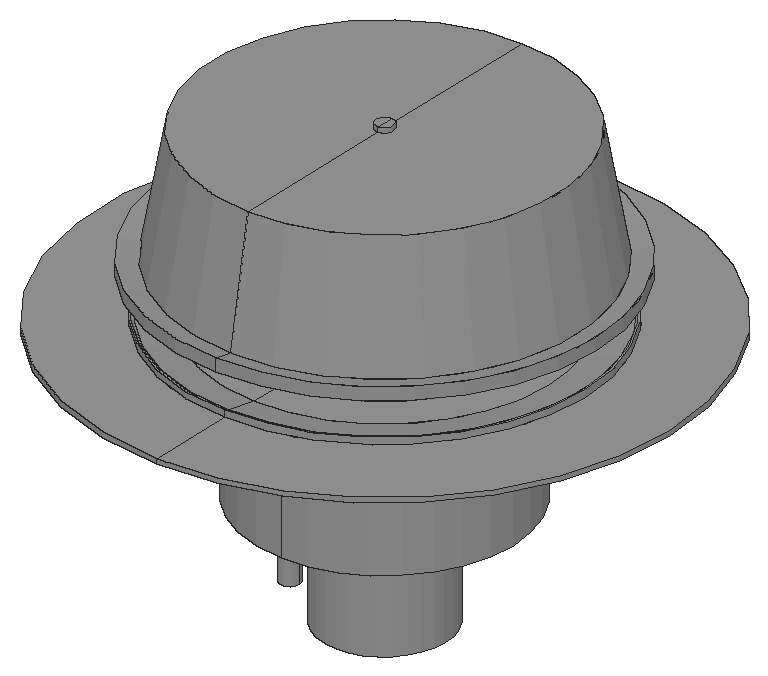
Revit family "HL_RU_Roof drain_HL62.1Safe-B-221103", category Sanitärinstallationen, Revit 2020
Family settings
  Bemaßung runder Anschluss = Durchmesser verwenden
  Teiletyp = Normal
  OmniClass-Nummer = 23.70.50.21.24.14
  OmniClass-Titel = Deck Waste Water Drains
  Arbeitsebenenbasiert = Nein
  Immer vertikal = Ja
  Beim Laden mit Abzugskörper schneiden = Nein
  Gemeinsam genutzt = Nein
  Raumberechnungspunkt = Ja
Parameters (values of type "HL_Кровельная воронка_HL62.1Safe_7")
  РЕШЁТКА = "Laubfangkorb d 262 mm"
  РАЗМЕР = "DN75"
  ПРОПУСКНАЯ СПОСОБНОСТЬ [instance] = 0.0 L/s
  ПРОИЗВОДИТЕЛЬНОСТЬ = "see Download"
  ПРАВОВАЯ ИНФОРМАЦИЯ = "Авторские права(©), права на дизайн или какие либо другие права интелектуальной собственности являются исключительной собственностью компании HL Hutterer & Lechner. Изменению не подлежит. Файл семейства с данными о прозводителе изделия защищен паролем с водяным знаком."
  НОМИНАЛЬНЫЙ ДИАМЕТР = 75 mm
  МАТЕРИАЛ = "PP"
  ВЫСОТА МОНТАЖА = "100mm"
  ВЕС = "3,154 [kg]"
  Vorgabe-Ansicht = 0 mm
  Hersteller = "HL Hutterer & Lechner GmbH"  # constant formula
  URL = "http://www.hutterer-lechner.com/ru/products/catalog/roof-drains/HL62.1Safe/7.aspx"
  Материал плитка [instance] = none
  Lüftungsverbindung = no
  Abwasserrohrverbindung = yes
  HW-Verbindung = no
  KW-Verbindung = no
  Beschreibung = "Кровельные воронки"
  Model = "HL62.1Safe_7"
  Typenkommentare = "HL62.1Safe/7, Воронка для аварийного водостока DN75 с электрообогревом, с возможностью регулировки толщины слоя воды"
  Keynote = "HL62.1Safe_7"
  Bысота монтажа [instance] = 28 mm  # constant formula
  G [instance] = 180.00°  # constant formula
  EAN = "9003076040315"
  D [instance] = 67 mm + Bысота монтажа  # 95 mm
  C [instance] = if(Bысота монтажа - 68 mm < 0 mm, 0 mm, Bысота монтажа - 68 mm)  # 0 mm
  B [instance] = 100 mm  # constant formula
  A [instance] = if(B - 100 mm > 15 mm, B - 100 mm, 15 mm)  # 15 mm
Types (5, lengths in mm): name | РАЗМЕР | ПРОИЗВОДИТЕЛЬНОСТЬ | НОМИНАЛЬНЫЙ ДИАМЕТР | ВЕС | URL | Model | Typenkommentare | Keynote | EAN
  (no name) | "DN75" | "see Download" | 75 | "3,154 [kg]" | "http://www.hutterer-lechner.com/ru/products/catalog/roof-drains/HL62.1Safe/7.aspx" | "HL62.1Safe_7" | "HL62.1Safe/7, Воронка для аварийного водостока DN75 с электрообогревом, с возможностью регулировки толщины слоя воды" | "HL62.1Safe_7" | "9003076040315"
  HL_Кровельная воронка_HL62.1Safe_1 | "DN110" | "see Download" | 110 | "3,174 [kg]" | "http://www.hutterer-lechner.com/ru/products/catalog/roof-drains/HL62.1Safe/1.aspx" | "HL62.1Safe_1" | "HL62.1Safe/1, Воронка для аварийного водостока DN110 с электрообогревом, с возможностью регулировки толщины слоя воды" | "HL62.1Safe_1" | "9003076040285"
  HL_Кровельная воронка_HL62.1Safe_2 | "DN125" | "l/s" | 125 | "3,214 [kg]" | "http://www.hutterer-lechner.com/ru/products/catalog/roof-drains/HL62.1Safe/2.aspx" | "HL62.1Safe_2" | "HL62.1Safe/2, Воронка для аварийного водостока DN125 с электрообогревом, с возможностью регулировки толщины слоя воды" | "HL62.1Safe_2" | "9003076040292"
  HL_Кровельная воронка_HL62.1Safe_5 | "DN160" | "l/s" | 160 | "3,234 [kg]" | "http://www.hutterer-lechner.com/ru/products/catalog/roof-drains/HL62.1Safe/5.aspx" | "HL62.1Safe_5" | "HL62.1Safe/5, Воронка для аварийного водостока DN160 с электрообогревом, с возможностью регулировки толщины слоя воды" | "HL62.1Safe_5" | "9003076040308"
  HL_Кровельная воронка_HL62.1Safe_7 | "DN75" | "see Download" | 75 | "3,154 [kg]" | "http://www.hutterer-lechner.com/ru/products/catalog/roof-drains/HL62.1Safe/7.aspx" | "HL62.1Safe_7" | "HL62.1Safe/7, Воронка для аварийного водостока DN75 с электрообогревом, с возможностью регулировки толщины слоя воды" | "HL62.1Safe_7" | "9003076040315"
Reference planes
  plane 1 "Center (Front/Back)": y = 0
  plane 2: z = 0
  plane 3 "Center (Left/Right)": x = 0
  plane 4: z = -100
  plane 5: z = -28
Lines and regions (mm)
  model lines, style "InvisibleLines"
    curve 1: line (0, 0, 0) -> (0, 0, 20)
  model lines, style "PlumbingFixtures", detail levels coarse+medium
    curve 2: line (0, 0, -100) -> (0, 0, -85)
    curve 3: line (0, 0, -85) -> (-85, 0, 0)
    curve 4: line (0, 0, -85) -> (85, 0, 0)
    curve 6: line (0, 0, -100) -> (0, 0, -195)
  reference lines, not visible
    curve 5: line (0, 0, -100) -> (0, 0, -195)
  symbolic lines, style "PlumbingFixtures", detail levels coarse+medium
    curve 7: line (-75, 75, 0) -> (75, 75, 0)
    curve 8: line (-75, -75, 0) -> (-75, 75, 0)
    curve 9: line (75, -75, 0) -> (-75, -75, 0)
    curve 10: line (75, 75, 0) -> (75, -75, 0)
    curve 11: line (-75, 75, 0) -> (-145.711, 145.711, 0)
    curve 12: line (75, 75, 0) -> (145.711, 145.711, 0)
    curve 13: line (-75, -75, 0) -> (-145.711, -145.711, 0)
    curve 14: line (75, -75, 0) -> (145.711, -145.711, 0)
  symbolic lines, style "PlumbingFixtures", not visible, detail levels coarse+medium
    curve 15: line (-75, 75, 0) -> (75, 75, 0)
    curve 16: line (-75, -75, 0) -> (-75, 75, 0)
    curve 17: line (75, -75, 0) -> (-75, -75, 0)
    curve 18: line (75, 75, 0) -> (75, -75, 0)
    curve 19: line (-75, 75, 0) -> (-145.711, 145.711, 0)
    curve 20: line (75, 75, 0) -> (145.711, 145.711, 0)
    curve 21: line (-75, -75, 0) -> (-145.711, -145.711, 0)
    curve 22: line (75, -75, 0) -> (145.711, -145.711, 0)
Text (mm)
  text "FLOOR" at (-162.344, 0, -10.979), in view "Drain Construction View"
Dimensions and locks
  "B": plane 2 to plane 4
  "Bысота монтажа": plane 2 to plane 5
  "A": curve 4 to plane 4
  "D": curve 5 to curve 5
  "D": curve 6 to curve 6
  locked: curve 4 to plane 3 "Center (Left/Right)" (angle 45.00°)
  locked: plane 3 "Center (Left/Right)" to curve 3 (angle 45.00°)
  "G": angle curve 5 to plane 3 "Center (Left/Right)"
  aligned and locked: level to plane 2
  aligned and locked: plane 2 to curve 4
  aligned and locked: plane 2 to curve 3
  aligned and locked: plane 4 to curve 5
  aligned and locked: plane 3 "Center (Left/Right)" to curve 5
  aligned and locked: plane 4 to curve 2
  aligned and locked: curve 6 to plane 3 "Center (Left/Right)"
  aligned and locked: curve 6 to plane 4
  aligned and locked: plane 5 to nested 1
  aligned and locked: nested 1 to plane 3 "Center (Left/Right)"
  aligned and locked: nested 2 to plane 2
  aligned and locked: plane 3 "Center (Left/Right)" to nested 2
Automatic sketch dimensions
  curve 2 to plane 3 "Center (Left/Right)" = 0 mm
  curve 1 to plane 3 "Center (Left/Right)" = 0 mm
  curve 1 to level = 0 mm
  level to curve 1 = 20 mm
Nested families
  nested 1: "HL_кровельные воронки - корпус_HL62.1" at (0, 0, -28), НОМИНАЛЬНЫЙ ДИАМЕТР <- "НОМИНАЛЬНЫЙ ДИАМЕТР", type "HL_кровельные воронки - корпус_HL62.1"
    with НОМИНАЛЬНЫЙ ДИАМЕТР 75 mm, OOD 58.75 mm
  nested 2: "HL_Вспомогательные материалы-Противопожарная защита_HL062.1Safe" at (0, 0, 0), Bысота монтажа <- "Bысота монтажа", type "HL_Вспомогательные материалы-Противопожарная защита_HL062.1Safe"
    with Пропускная способность 0.0 L/s, L 58 mm, IHmin 28 mm, IHmax 68 mm, Bысота монтажа 28 mm
Connectors
  piping at (0, 0, -195), diameter 75, driven by "ПРОПУСКНАЯ СПОСОБНОСТЬ", driven by "НОМИНАЛЬНЫЙ ДИАМЕТР"
    settings: on curve 5, index 1, connector inside diameter 609.6 mm, connector length 0 mm, flow factor 0, pipe flow 0.0 L/s, pressure drop 0.0 Pa, fitting loss kfactor 0, connector angle 0.00°, fixture units 0, engagement length 0 mm, angle of deflection 0.00°, flow configuration 1, flow direction 2, fitting loss method 0, system type 16, joint type 0, gender type 0, connector reference index -1, connector utility 0, adjustable connector yes, is connector primary yes, connector description ""
Definition of nested family "HL_кровельные воронки - корпус_HL62.1"
  Parameters (values of type "HL_кровельные воронки - корпус_HL62.1")
    НОМИНАЛЬНЫЙ ДИАМЕТР [instance] = 160 mm
    Default Elevation = 0 mm
    Manufacturer = ""
    URL = ""
    Description = ""
    OOD [instance] = if((80 mm - НОМИНАЛЬНЫЙ ДИАМЕТР / 2) / 2 + НОМИНАЛЬНЫЙ ДИАМЕТР / 2 > 75 mm, 100 mm, (80 mm - НОМИНАЛЬНЫЙ ДИАМЕТР / 2) / 2 + НОМИНАЛЬНЫЙ ДИАМЕТР / 2)  # 100 mm
    Model = ""
    Type Comments = ""
    Cost = 0
  Reference planes
    plane 1 "Střed (vpředu/vzadu)": y = 0
    plane 2: z = 0
    plane 3 "Střed (vlevo/vpravo)": x = 0
  Forms (mm)
    Revolve 1, solid, detail levels fine
      sketch origin (0, 0, 0) x (0, 1, 0) y (0, 0, 1)
        loop
          line (177, -3) -> (177, 0) -> (124.39, 0) -> (112.255, 0) -> (101.905, -2.2) -> (79.004, -2.2) -> (79.004, -22.024) -> (74.451, -22.024) -> (74.451, -35.37) -> (0, -35.37) -> (0, -97.967) -> (79.982, -97.967) -> (79.982, -31.54) -> (86.489, -31.54) -> (86.489, -28.04) -> (101.489, -28.04) -> (101.489, -13.704) -> (130.898, -3) -> (177, -3)
        axis (0, 0) -> (0, -97.967)
      angle from 0 to 360
    Revolve 2, solid, detail levels fine
      sketch origin (0, 0, 0) x (0, 1, 0) y (0, 0, 1)
        loop
          line (124.39, 0) -> (124.39, 4) -> (123.297, 4) -> (122.033, 3.115) -> (101.733, -1.2) -> (79.004, -1.2) -> (79.004, -2.2) -> (101.905, -2.2) -> (112.255, 0) -> (124.39, 0)
        axis (0, 4) -> (0, -2.2)
      angle from 0 to 360
    Extrusion 3, solid, detail levels fine
      sketch origin (0, 0, 0) x (0.707107, 0.707107, 0) y (-0.707107, 0.707107, 0)
        loop
          circle (0, 0) r 80
      from -167 to -97.967
    Sweep 4, solid, detail levels fine
      path origin (-100, 0, -67.213) x (0, 0, -1) y (1, 0, 0)
        loop
          line (98.966, 0) -> (27.716, 0)
          arc (27.716, 0) -> (15.095, 5.228) -> (9.868, 17.848) r 17.848
          line (9.868, 17.848) -> (9.868, 35)
      profile origin (-100, 0, -130.554) x (-1, 0, 0) y (0, -1, 0)
        loop
          circle (0, 0) r 5.8
  Lines and regions (mm)
    reference lines
      curve 1: line (-100, 0, -67.213) -> (-100, 0, -292.213)
  Dimensions and locks
    "OOD": curve 1 to plane 3 "Střed (vlevo/vpravo)"
    "НОМИНАЛЬНЫЙ ДИАМЕТР": diameter of Extrusion 3 sketch curve
    aligned and locked: level to plane 2
  Automatic sketch dimensions
    Revolve 2 sketch curve to plane 1 "Střed (vpředu/vzadu)" = 0 mm
    level to Revolve 2 sketch curve = 0 mm
    Revolve 2 sketch curve to level = 1.2 mm
    Revolve 2 sketch curve to plane 1 "Střed (vpředu/vzadu)" = 79.004 mm
    Revolve 2 sketch curve to Revolve 2 sketch curve = 22.729 mm
    Revolve 2 sketch curve to level = 2.2 mm
    Revolve 2 sketch curve to Revolve 2 sketch curve = 0.172 mm
    Revolve 2 sketch curve to Revolve 2 sketch curve = 10.35 mm
    level to Revolve 2 sketch curve = 3.115 mm
    Revolve 2 sketch curve to Revolve 2 sketch curve = 9.777 mm
    Revolve 2 sketch curve to Revolve 2 sketch curve = 1.264 mm
    Revolve 2 sketch curve to Revolve 2 sketch curve = 1.093 mm
    Revolve 2 sketch curve to Revolve 2 sketch curve = 0.885 mm
    Revolve 2 sketch curve to level = 66.573 mm
    level to Revolve 2 sketch curve = 22.174 mm
    Revolve 1 sketch curve to plane 1 "Střed (vpředu/vzadu)" = 0 mm  (x2)
    level to Revolve 1 sketch curve = 0 mm
    Revolve 1 sketch curve to Revolve 1 sketch curve = 74.451 mm
    Revolve 1 sketch curve to Revolve 1 sketch curve = 4.553 mm
    Revolve 1 sketch curve to Revolve 1 sketch curve = 6.507 mm
    Revolve 1 sketch curve to Revolve 1 sketch curve = 15 mm
    Revolve 1 sketch curve to level = 2.2 mm
    Revolve 1 sketch curve to Revolve 1 sketch curve = 0.416 mm
    Revolve 1 sketch curve to Revolve 1 sketch curve = 10.35 mm
    Revolve 1 sketch curve to Revolve 1 sketch curve = 12.135 mm
    Revolve 1 sketch curve to level = 3 mm
    Revolve 1 sketch curve to Revolve 1 sketch curve = 6.508 mm
    Revolve 1 sketch curve to Revolve 1 sketch curve = 46.102 mm
    Revolve 1 sketch curve to Revolve 1 sketch curve = 11.504 mm
    Revolve 1 sketch curve to Revolve 1 sketch curve = 19.824 mm
    Revolve 1 sketch curve to Revolve 1 sketch curve = 14.336 mm
    Revolve 1 sketch curve to Revolve 1 sketch curve = 3.5 mm
    level to Revolve 1 sketch curve = 30 mm
    Revolve 1 sketch curve to Revolve 1 sketch curve = 270 mm
    Revolve 1 sketch curve to Revolve 1 sketch curve = 5.531 mm
    Revolve 1 sketch curve to Revolve 1 sketch curve = 3.83 mm
    Revolve 1 sketch curve to Revolve 1 sketch curve = 62.597 mm
    plane 1 "Střed (vpředu/vzadu)" to Sweep 4 sketch curve = 0 mm
    Sweep 4 sketch curve to profile plane = 0 mm
    curve 1 to Sweep 4 sketch curve = 0 mm
    curve 1 to Sweep 4 sketch curve = 9.868 mm
    Sweep 4 sketch curve to Sweep 4 sketch curve = 17.848 mm
    Sweep 4 sketch curve to Sweep 4 sketch curve = 71.25 mm
    curve 1 to Sweep 4 sketch curve = 35 mm
    curve 1 to level = 292.213 mm
    curve 1 to level = 67.213 mm
    plane 1 "Střed (vpředu/vzadu)" to Extrusion 3 sketch curve = 0 mm
    Extrusion 3 sketch curve to plane 3 "Střed (vlevo/vpravo)" = 0 mm
    radius of Sweep 4 sketch curve = 5.8 mm
Definition of nested family "HL_Вспомогательные материалы-Противопожарная защита_HL062.1Safe"
  Parameters (values of type "HL_Вспомогательные материалы-Противопожарная защита_HL062.1Safe")
    РЕШЁТКА = "Laubfangkorb d 262 mm"
    ПРАВОВАЯ ИНФОРМАЦИЯ = "Авторские права(©), права на дизайн или какие либо другие права интелектуальной собственности являются исключительной собственностью компании HL Hutterer & Lechner. Изменению не подлежит. Файл семейства с данными о прозводителе изделия защищен паролем с водяным знаком."
    МАТЕРИАЛ = "PP"
    ВЕС = "1,25 [kg]"
    Default Elevation = 0 mm
    Manufacturer = "HL Hutterer & Lechner GmbH"
    URL = "http://www.hutterer-lechner.com/ru/products/catalog/roof-drains/HL062.1Safe.aspx"
    Материал плитка = none
    Description = "Кровельные воронки"
    Model = "HL062.1Safe"
    L [instance] = if(Bысота монтажа < IHmin, -100 mm, if(Bысота монтажа > IHmax, -100 mm, Bысота монтажа + 30 mm))  # 58 mm
    Type Comments = "HL062.1Safe, Вставка в воронку для аварийного водоотведения"
    Keynote = "HL062.1Safe"
    Bысота монтажа [instance] = 28 mm
    IHmin [instance] = 28 mm
    IHmax [instance] = 68 mm
    Пропускная способность [instance] = 0.0 L/s
    EAN = "9003076040605"
    Cost = 0
  Reference planes
    plane 1 "Střed (vpředu/vzadu)": y = 0
    plane 2: z = 0
    plane 3 "Střed (vlevo/vpravo)": x = 0
  Forms (mm)
    Revolve 1, solid, detail levels fine
      sketch origin (0, 0, 0) x (0, 1, 0) y (0, 0, 1)
        loop
          line (0, 81.1) -> (-5.25, 81.1) -> (-5.25, 78.5) -> (-106.614, 78.5) -> (-119.486, 5.5) -> (-101.611, 5.5) -> (-90.568, 68.124) -> (0, 68.124) -> (0, 81.1)
        axis (0, 81.1) -> (0, 5.5)
      angle from 0 to 360
    Extrusion 2, solid, detail levels fine
      sketch origin (0, 0, 68.124) x (-1, 0, 0) y (0, 1, 0)
        loop
          circle (-50, 0) r 11.945
      from 0 to 82.224
    Extrusion 3, solid, detail levels fine
      sketch origin (-100, 0, 68.124) x (-1, 0, 0) y (0, 1, 0)
        loop
          circle (-50, 0) r 11.945
      from 0 to 82.224
    Revolve 4, solid, detail levels fine
      sketch origin (0, 0, 0) x (0, 1, 0) y (0, 0, 1)
        loop
          line (-130.983, 7.735) -> (-130.983, 0) -> (-69.061, 0) -> (-64.445, -4.616) -> (-64.445, -65.123) -> (-63.068, -66.5) -> (-58.068, -66.5) -> (-58.068, -4.58) -> (-68.148, 5.5) -> (-119.486, 5.5) -> (-130.983, 7.735)
        axis (0, 7.735) -> (0, -66.5)
      angle from 0 to 360
    Revolve 5, solid, detail levels fine
      sketch origin (0, 69.895, -58) x (0, -1, 0) y (0, 0, -1)
        loop
          line (149.29, -29.5) -> (149.29, -9.5) -> (139.79, 0) -> (134.34, 0) -> (134.34, -44) -> (138.069, -44) -> (138.069, -29.5) -> (149.29, -29.5)
        axis (69.895, -44) -> (69.895, 0)
      angle from 0 to 360
  Lines and regions (mm)
    reference lines
      curve 1: line (0, 69.895, -58) -> (0, -190.105, -58)
  Dimensions and locks
    "L": curve 1 to plane 2
    aligned and locked: level to plane 2
  Automatic sketch dimensions
    Revolve 1 sketch curve to plane 1 "Střed (vpředu/vzadu)" = 0 mm  (x2)
    plane 1 "Střed (vpředu/vzadu)" to Revolve 1 sketch curve = 5.25 mm
    Revolve 1 sketch curve to Revolve 1 sketch curve = 85.318 mm
    level to Revolve 1 sketch curve = 5.5 mm
    Revolve 1 sketch curve to Revolve 1 sketch curve = 11.042 mm
    Revolve 1 sketch curve to Revolve 1 sketch curve = 16.046 mm
    Revolve 1 sketch curve to Revolve 1 sketch curve = 17.876 mm
    Revolve 1 sketch curve to Revolve 1 sketch curve = 62.624 mm
    Revolve 1 sketch curve to Revolve 1 sketch curve = 10.376 mm
    Revolve 1 sketch curve to Revolve 1 sketch curve = 2.6 mm
    Revolve 1 sketch curve to Revolve 1 sketch curve = 40 mm
    Revolve 1 sketch curve to Revolve 1 sketch curve = 25 mm
    Extrusion 2 sketch curve to Revolve 1 = 50 mm
    Revolve 1 to Extrusion 3 sketch curve = 50 mm
    level to Revolve 4 sketch curve = 0 mm
    Revolve 4 sketch curve to plane 1 "Střed (vpředu/vzadu)" = 0 mm
    plane 1 "Střed (vpředu/vzadu)" to Revolve 4 sketch curve = 58.068 mm
    Revolve 4 sketch curve to Revolve 4 sketch curve = 5 mm
    Revolve 4 sketch curve to Revolve 4 sketch curve = 1.377 mm  (x2)
    Revolve 4 sketch curve to Revolve 4 sketch curve = 3.703 mm
    Revolve 4 sketch curve to Revolve 4 sketch curve = 0.913 mm
    level to Revolve 4 sketch curve = 5.5 mm
    Revolve 4 sketch curve to Revolve 4 sketch curve = 50.425 mm
    Revolve 4 sketch curve to Revolve 4 sketch curve = 11.497 mm
    Revolve 4 sketch curve to level = 4.58 mm
    Revolve 4 sketch curve to level = 4.616 mm
    Revolve 4 sketch curve to Revolve 4 sketch curve = 60.507 mm
    level to Revolve 4 sketch curve = 7.735 mm
    Revolve 4 sketch curve to Revolve 4 sketch curve = 10 mm
    Revolve 4 sketch curve to Revolve 4 sketch curve = 35 mm
    Revolve 5 sketch curve to curve 1 = 0 mm
    curve 1 to Revolve 5 sketch curve = 44 mm
    Revolve 5 sketch curve to curve 1 = 125.66 mm
    Revolve 5 sketch curve to Revolve 5 sketch curve = 3.729 mm
    Revolve 5 sketch curve to Revolve 5 sketch curve = 5.45 mm
    Revolve 5 sketch curve to Revolve 5 sketch curve = 11.221 mm
    Revolve 5 sketch curve to Revolve 5 sketch curve = 14.5 mm
    curve 1 to Revolve 5 sketch curve = 9.5 mm
    curve 1 to Revolve 5 sketch curve = 69.895 mm
    Revolve 5 sketch curve to curve 1 = 15 mm
    Revolve 5 sketch curve to Revolve 5 sketch curve = 40 mm
    plane 1 "Střed (vpředu/vzadu)" to curve 1 = 190.105 mm
    curve 1 to plane 1 "Střed (vpředu/vzadu)" = 69.895 mm
    radius of Extrusion 2 sketch curve = 11.945 mm
    radius of Extrusion 3 sketch curve = 11.945 mm
